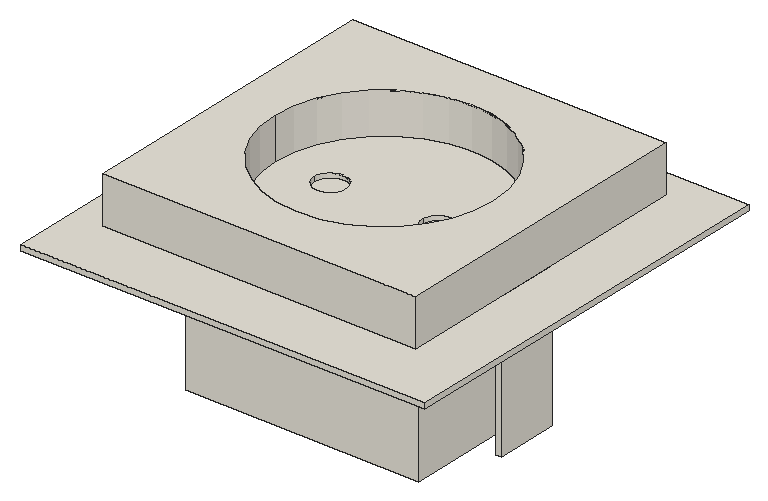
Revit family "Gira_277801", category Electrical Fixtures, host Face, Revit 2017
Family settings
  Host = Face
  Maintain Annotation Orientation = Yes
  Round Connector Dimension = Use Diameter
  Part Type = Normal
  Cut with Voids When Loaded = No
  Shared = No
  Room Calculation Point = No
Parameters (values of type "Steckd. BS 13 A gesch. + SH System 55 Cremeweiß")
  Überspannungsschutz = "No"
  Werkstoffgüte = "sonstige"
  Werkstoff = "sonstige"
  Verdrehter Zentraleinsatz = "No"
  URL = "http://katalog.gira.de/de_DE/datenblatt.html?artikelnr=277801"
  Transparent = "No"
  Textfeld/Beschriftungsfläche = "No"
  Sonderstromversorgung = "ohne Sonderstromversorgung"
  Schutzleiterkontakt rund = "No"
  Schutzkontakt = "No"
  Region = "DE"
  RAL-Nummer (ähnlich) = "1013 "
  Oberfläche = "sonstige"
  Nennstrom = "13 Ampere"
  Nennspannung = "250 Volt"
  Name = "Steckd. BS 13 A gesch. + SH System 55 Cremeweiß"
  Montageart = "unter Putz"
  Model = "SYS55_Steckdose"
  Mit erhöhtem Berührungsschutz = "Yes"
  Mit eingebauter USB-Spannungsversorgung = "No"
  Mit Signallampe = "No"
  Mit Orientierungsbeleuchtung = "No"
  Mit Klappdeckel = "No"
  Mit Funktionsbeleuchtung = "No"
  Mit Feinsicherung = "No"
  Mit Ein-/Ausschalter = "Yes"
  Mit Durchschleiffunktion = "No"
  Manufacturer URL = "https://www.gira.de/"
  Isolierter Einbau = "No"
  HeinzeBIM = "https://bimportal.heinze.de/bim/steckd-bs-13-a-gesch-sh-system-55-cremeweiss/4ad33ecb1c581b81397ab3538bb46fbf3bca0c22"
  Halogenfrei = "Yes"
  HAN = "277801"
  Geeignet für Schutzart (IP) = "IP20"
  GTIN = "4010337079477"
  Für "erschwerte Bedingungen" (nach VDE) = "No"
  Fehlerstromschutz = "No"
  Farbe = "cremeweiß (elektroweiß)"
  Default Elevation = 1219.2 mm
  Data sheet (1) = "https://katalog.gira.de/de_DE/download.html?artikelnr=277801"
  Cremeweiß glänzend = Cremeweiß glänzend
  Category = "Steckdose"
  Befestigungsart = "Befestigung mit Schraube"
  Available = "Yes"
  Auswurfmechanismus = "No"
  Ausführung der Oberfläche = "glänzend"
  Ausführung = "British Standard"
  Aufdruck/Kennzeichnung = "ohne Aufdruck"
  Anzahl der Steckdosen schaltbar = "0 "
  Anzahl der Module (bei Modulbauweise) = "1 "
  Anzahl der Einheiten = "1 "
  Antibakterielle Behandlung = "No"
  Anschlussart = "Schraubklemme"
  Abschließbar = "No"
Reference planes
  plane 1 "Center (Front/Back)": y = 0
  plane 2 "Reference Level 0": z = 0
  plane 3 "Center (Left/Right)": x = 0
  plane 4: x = 9.5
  plane 5: x = -9.5
  plane 6: x = 9.5
  plane 7: x = -9.5
  plane 8: x = 9.5
  plane 9: x = -9.5
  plane 10: x = 17.5
  plane 11 "Reference Level 1": z = 8.2
Forms (mm)
  Extrusion 1, solid, material "Cremeweiß glänzend" <- "Cremeweiß glänzend", detail levels coarse
    sketch origin (0, 0, 0) x (1, 0, 0) y (0, 1, 0)
      loop
        line (-35.5, 35.5) -> (-35.5, -35.5) -> (35.5, -35.5) -> (35.5, 35.5) -> (-35.5, 35.5)
    from -27.5 to 8.2
  Extrusion 2, solid, material "Cremeweiß glänzend" <- "Cremeweiß glänzend", detail levels medium+fine
    sketch origin (0, 0, 0) x (1, 0, 0) y (0, 1, 0)
      loop
        line (-35.5, 35.5) -> (-35.5, -35.5) -> (35.5, -35.5) -> (35.5, 35.5) -> (-35.5, 35.5)
    from -2.2 to -3.2
  Extrusion 3, solid, material "Cremeweiß glänzend" <- "Cremeweiß glänzend", detail levels medium+fine
    sketch origin (0, 0, 0) x (1, 0, 0) y (0, 1, 0)
      loop
        line (-27.5, 27.5) -> (-27.5, -27.5) -> (27.5, -27.5) -> (27.5, 27.5) -> (-27.5, 27.5)
      loop
        circle (0, 0) r 19.2
    from 0 to 8.2
  Extrusion 4, solid, material "Cremeweiß glänzend" <- "Cremeweiß glänzend", detail levels fine
    sketch origin (0, 0, 0) x (1, 0, 0) y (0, 1, 0)
      loop
        circle (0, 0) r 19.2
      loop
        circle (9.5, 0) r 2.8
      loop
        circle (-9.5, 0) r 2.8
    from 0 to 1
  Extrusion 5, solid, material "Cremeweiß glänzend" <- "Cremeweiß glänzend", detail levels fine
    sketch origin (0, 0, 0) x (1, 0, 0) y (0, 1, 0)
      loop
        circle (-9.5, 0) r 2.8
      loop
        circle (9.5, 0) r 2.8
    from -2.2 to 0.3
  Extrusion 6, solid, material "Cremeweiß glänzend" <- "Cremeweiß glänzend", detail levels medium
    sketch origin (0, 0, 0) x (1, 0, 0) y (0, 1, 0)
      loop
        circle (0, 0) r 19.2
      loop
        circle (9.5, 0) r 2.8
      loop
        circle (-9.5, 0) r 2.8
    from 7.2 to 8.2
  Extrusion 7, solid, material "Cremeweiß glänzend" <- "Cremeweiß glänzend", detail levels medium
    sketch origin (0, 0, 0) x (1, 0, 0) y (0, 1, 0)
      loop
        circle (-9.5, 0) r 2.8
      loop
        circle (9.5, 0) r 2.8
    from 7.2 to 8.2
  Extrusion 8, solid, material "Cremeweiß glänzend" <- "Cremeweiß glänzend", detail levels medium+fine
    sketch origin (0, 0, 0) x (1, 0, 0) y (0, 1, 0)
      loop
        line (-20.5, 9) -> (-20.5, -18) -> (20.5, -18) -> (20.5, 9) -> (17.5, 9) -> (3, 21) -> (3, 24) -> (-3, 24) -> (-3, 21) -> (-17.5, 9) -> (-20.5, 9)
    from 0 to -27.5
  Extrusion 9, solid, material "Cremeweiß glänzend" <- "Cremeweiß glänzend", detail levels medium+fine
    sketch origin (0, 0, 0) x (1, 0, 0) y (0, 1, 0)
      loop
        line (-25, 5.5) -> (-25, -5.5) -> (-24, -5.5) -> (-24, 5.5) -> (-25, 5.5)
    from 0 to -27.5
  Extrusion 10, solid, material "Cremeweiß glänzend" <- "Cremeweiß glänzend", detail levels medium+fine
    sketch origin (0, 0, 0) x (-1, 0, 0) y (0, -1, 0)
      loop
        line (-25, 5.5) -> (-25, -5.5) -> (-24, -5.5) -> (-24, 5.5) -> (-25, 5.5)
    from 0 to -27.5
Dimensions and locks
  aligned and locked: plane 2 "Reference Level 0" to host face
  aligned and locked: level to host face
  aligned and locked: plane 3 "Center (Left/Right)" to nested 1
  aligned and locked: plane 1 "Center (Front/Back)" to nested 1
Nested families
  nested 1: "Steckdose 1-fach Beschriftung" at (0, 0, 0), type "Steckdose 1-fach Beschriftung"
Connectors
  electrical at (0, 9, -27.5)
    settings: on Extrusion 8, index 1, voltage 220 V, apparent load 0 VA, apparent load phase1 0 VA, apparent load phase2 0 VA, apparent load phase3 0 VA, power factor 1, load classification "Other", number of poles 1, system type 31, power factor state 1, is connector primary yes, connector utility no, sub classification motor no, connector description ""
Definition of nested family "Steckdose 1-fach Beschriftung"
  Reference planes
    plane 1: y = 0
    plane 2: x = 0
  Lines and regions (mm)
    detail lines
      curve 1: line (0, 0, 0) -> (0, 2, 0)
      curve 3: line (0, 2, 0) -> (-1, 2, 0)
      curve 4: arc (1, 3, 0) -> (0, 2, 0) -> (-1, 3, 0) r 1
      curve 5: line (0, 2, 0) -> (1, 2, 0)
    reference lines
      curve 2: line (-0.485, 3, 0) -> (2.315, 3, 0)
  Dimensions and locks
    curve 1 to curve 1 = 2 mm
    plane 1 to curve 2 = 3 mm
    curve 3 to curve 3 = 1 mm
